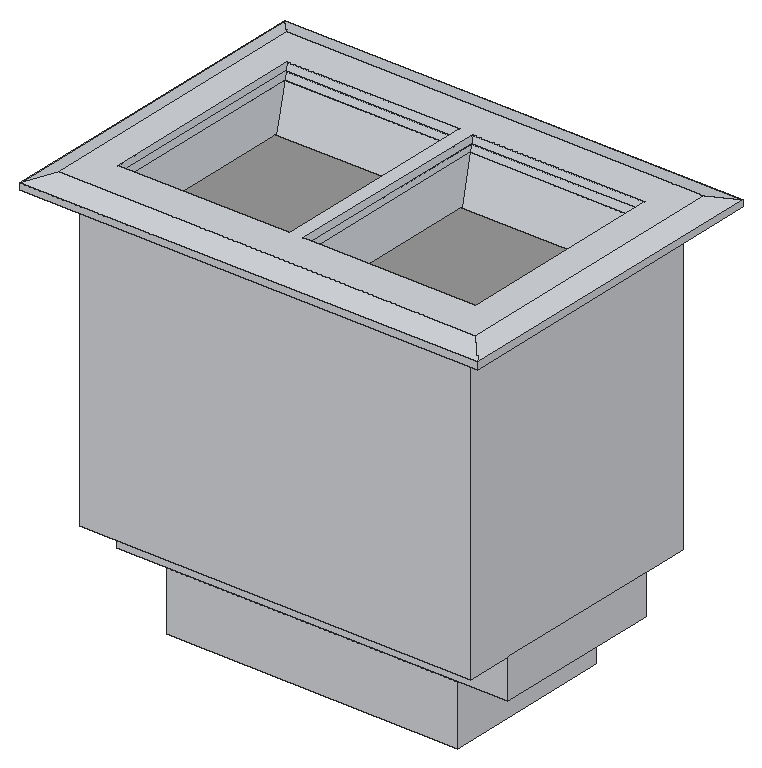
Revit family "2061077 Sylvania Lighting Fixture DOMINO 2xLED 940 BLACK NB TRIM WHITE", category Lighting Fixtures, host Face, Revit 2018
Family settings
  Host = Face
  Round Connector Dimension = Use Diameter
  Part Type = Normal
  OmniClass Number = 23.80.70.00
  OmniClass Title = Lighting
  Cut with Voids When Loaded = No
  Light Source = Yes
  Shared = No
  Room Calculation Point = No
Parameters (values of type "2061077 DOMINO 2XLED 940 BLACK NB TR WHT ")
  top top length = 44 mm
  Width = 50 mm
  Weight = "n/a"
  Wattage Comments = ""
  Wattage = 9.2903 W
  WarrantyStartDate [instance] = "n/a"
  WarrantyGuarantorParts = "n/a"
  WarrantyDurationUnit = "n/a"
  WarrantyDurationParts = ""
  WarrantyDescription = "http://www.sylvania-lighting.com"
  built-in parameter 1150110 = 1 (stored number, unit not read)
  Voltage = 0 V
  URL = "0.6"
  TypeName = "DOMINO 2xLED 940 BLACK NB TRIM WHITE"
  Type Image = <None>
  Type Comments = "n/a"
  built-in parameter 1114217 = 1 (stored number, unit not read)
  Top Width = 26 mm
  Tilt Angle = 90.00°
  built-in parameter 1150109 = 1 (stored number, unit not read)
  built-in parameter 1150134 = 3
  built-in parameter 1150113 = 1 (stored number, unit not read)
  SerialNumber [instance] = "n/a"
  Recessed Width = 43 mm
  Recessed Length = 63 mm
  Photometric Web File = "2061077.ies"
  Material_3_FEILO = none
  PowerFactor = 0
  PowerConsumption = "Lighting"
  NominalLength = 50 mm
  NominalHeight = 0 mm
  NominalDepth = 0 mm
  Name = "DOMINO 2xLED 940 BLACK NB TRIM WHITE"
  ModelReference = Name  # "DOMINO 2xLED 940 BLACK NB TRIM WHITE"
  ModelNumber = "2061077"
  Model = Name  # "DOMINO 2xLED 940 BLACK NB TRIM WHITE"
  Material = "Feilo Sylvania"
  ManufacturerName = "59 lm/W"
  Manufacturer = ""
  LuminousEfficacy = ""
  built-in parameter 1150105 = 109.82 (stored number, unit not read)
  Lumens = 1380 lm
  LuminaireType = "0"
  built-in parameter 1150115 = 1 (stored number, unit not read)
  LightOutputRatio = "LED"
  built-in parameter 1150137 = (empty or 0)
  built-in parameter 1150139 = (empty or 0)
  Lens Width = 32 mm
  Lens = Glass, White, High Luminance
  Length = 69 mm
  LampsType = Lamp  # "n/a"
  LampNominalLuminous = "4000 K"
  LampMacAdamStep = "90"
  LampColourTemperature = "LED"
  LampColourRenderingIndex = "16500"
  built-in parameter 1150112 = 1 (stored number, unit not read)
  built-in parameter 1150114 = 1 (stored number, unit not read)
  Lamp = "n/a"
  Keynote = "n/a"
  InstallationDate [instance] = "n/a"
  InputVoltage = "0"
  InputNominalFrequency = "4000"
  built-in parameter 1150132 = (empty or 0)
  built-in parameter 1150102 = (empty or 0)
  built-in parameter 1150107 = 3200 (stored number, unit not read)
  built-in parameter 1150138 = (empty or 0)
  IngressProtection = "IfcLightFixtureType"
  ImpactProtectionIndex = "IfcLightFixtureType"
  built-in parameter 1150106 = 1.0982 (stored number, unit not read)
  IfcExportType = "IfcLightFixtureType"
  IfcExportAs = "Class II"
  Facia internal width = 37 mm
  Facia internal length = 56 mm
  Facia Height = 2 mm
  ExpectedLife = 50000
  Emit from Circle Diameter = 609.6 mm
  Emit Shape Visible in Rendering = no
  ElectricShockClassification = "59"
  built-in parameter 1150104 = 13.8 (stored number, unit not read)
  DurationUnit = "hours"
  DocumentationLiterature = "http://www.sylvania-lighting.com/product/en-int/products/2061077"
  DimmingControlOptions = "n/a"
  Material_2_FEILO = none
  Dimming Lamp Color Temperature Shift = <None>
  Description = "Modular LED recessed linear spotlight, ideal for retail and hospitality applications. Die-cast aluminium body, passive cooling. Two levels of reflector installation, low glaring UGR<16. 2x LED source, 15° beam angle , optics: PMMA lens and polycarbonate reflector combination, Black matt reflector finish. Light color temperature: 4000K neutral white, total system power: 6W , total fixture lumen output: 350lm, efficacy: 59 lm/W, Ra90 typical, LED chromacity: 3 step MacAdam ellipse (SDCM3), lifespan: 96,000 hours at 90% of the original output (L90B10), IR/UV free light source without heat radiation, operating voltage: 220-240V / 50-60Hz, electronic driver, ultra low flicker, non-dimmable , electrical protection: Class II. Degree of Protection: IP40/IP20, suitable for indoor environment only. Ceiling cut-out: 43x43mm, outer dimensions:  70x50mm trim frame RAL 9016 - Traffic white / Bezel color.5 years Warranty."
  Default Elevation = 1219.2 mm
  CreatedOn = "10/02/2021"
  CreatedBy = "harvey.smart@sylvania-lighting.com"
  Cost = 0
  Color Filter = 16777215
  built-in parameter 1114216 [instance] = (empty or 0)
  ClassificationValue = "EF_70_80"
  ClassificationName = "Uniclass2015"
  Material_1_FEILO = none
  Body Width = 40 mm
  Body Length = 59 mm
  BarCode [instance] = "n/a"
  built-in parameter 1114218 = 1 (stored number, unit not read)
  built-in parameter 1150133 = 10 (stored number, unit not read)
  AssetType = "Fixed"
  AssetIdentifier [instance] = "n/a"
  Assembly Code = "D5020200"
  Apparent Load = 6 VA
  Material_4_FEILO = none
Reference planes
  plane 1 "Center (Front/Back)": y = 0
  plane 2: z = 0
  plane 3 "Center (Left/Right)": x = 0
  plane 4: z = 0
  plane 5: z = -7
  plane 6: z = -45.895
  plane 7: z = -51.895
  plane 8: z = -60.895
  plane 9: x = -31.5
  plane 10: x = 31.5
  plane 11: y = 21.5
  plane 12: y = -21.5
  plane 13: x = -34.5
  plane 14: x = 34.5
  plane 15: y = 25
  plane 16: y = -25
  plane 17: x = 28
  plane 18: x = -28
  plane 19: y = 18.5
  plane 20: y = -18.5
  plane 21: z = 2
  plane 22: x = -29.5
  plane 23: x = 29.5
  plane 24: y = 20
  plane 25: y = -20
  plane 26: y = 13
  plane 27: y = -13
  plane 28: x = 22
  plane 29: y = 16
  plane 30: y = -16
  plane 31: x = -27
  plane 32: x = -1
  plane 33: x = -26
  plane 34: x = -2
  plane 35: y = 12.5
  plane 36: y = -12.5
  plane 37: x = 27
  plane 38: x = 1
  plane 39: x = 2
  plane 40: x = 26.026
Forms (mm)
  Extrusion 1, solid, not visible, detail levels medium+fine
    sketch origin (4.2, 0, 0) x (1, 0, 0) y (0, 1, 0)
      loop
        line (-29.2, 34.5) -> (-29.2, -34.5) -> (20.8, -34.5) -> (20.8, 34.5) -> (-29.2, 34.5)
    from 0 to 1
  Extrusion 2, solid, not visible, detail levels medium+fine
    sketch origin (4.044, 0, 0) x (1, 0, 0) y (0, 1, 0)
      loop
        line (-29.2, 34.5) -> (-29.2, -34.5) -> (20.8, -34.5) -> (20.8, 34.5) -> (-29.2, 34.5)
    from 0 to 1
  Blend 3, solid, not visible, detail levels medium+fine
    base sketch origin (4.2, 0, 0) x (1, 0, 0) y (0, 1, 0)
      loop
        line (-29.2, 34.5) -> (-29.2, -34.5) -> (20.8, -34.5) -> (20.8, 34.5) -> (-29.2, 34.5)
    top sketch origin (4.2, 0, 0) x (1, 0, 0) y (0, 1, 0)
      loop
        line (-21.7, 28) -> (-21.7, -28) -> (13.3, -28) -> (13.3, 28) -> (-21.7, 28)
    from 1 to 3
  Extrusion 4, solid, not visible, detail levels medium+fine
    sketch origin (3.419, 0, 0) x (1, 0, 0) y (0, 1, 0)
      loop
        line (-29.2, 34.5) -> (-29.2, -34.5) -> (20.8, -34.5) -> (20.8, 34.5) -> (-29.2, 34.5)
    from 0 to 1
  Blend 5, solid, not visible, detail levels medium+fine
    base sketch origin (3.575, 0, 0) x (1, 0, 0) y (0, 1, 0)
      loop
        line (-29.2, 34.5) -> (-29.2, -34.5) -> (20.8, -34.5) -> (20.8, 34.5) -> (-29.2, 34.5)
    top sketch origin (3.575, 0, 0) x (1, 0, 0) y (0, 1, 0)
      loop
        line (-21.7, 28) -> (-21.7, -28) -> (13.3, -28) -> (13.3, 28) -> (-21.7, 28)
    from 1 to 3
  Extrusion 6, solid, not visible, detail levels medium+fine
    sketch origin (4.247, 0, 0) x (1, 0, 0) y (0, 1, 0)
      loop
        line (-29.2, 34.5) -> (-29.2, -34.5) -> (20.8, -34.5) -> (20.8, 34.5) -> (-29.2, 34.5)
    from 0 to 1
  Blend 7, solid, not visible, detail levels medium+fine
    base sketch origin (4.403, 0, 0) x (1, 0, 0) y (0, 1, 0)
      loop
        line (-29.2, 34.5) -> (-29.2, -34.5) -> (20.8, -34.5) -> (20.8, 34.5) -> (-29.2, 34.5)
    top sketch origin (4.403, 0, 0) x (1, 0, 0) y (0, 1, 0)
      loop
        line (-21.7, 28) -> (-21.7, -28) -> (13.3, -28) -> (13.3, 28) -> (-21.7, 28)
    from 1 to 3
  Extrusion 8, void, detail levels medium+fine
    sketch origin (4.2, 0, 0) x (0, 1, 0) y (1, 0, 0)
      loop
        line (21.5, -35.7) -> (21.5, 27.3) -> (-21.5, 27.3) -> (-21.5, -35.7) -> (21.5, -35.7)
    from -9.934 to 83.097
  Extrusion 9, solid, detail levels medium+fine
    sketch origin (4.2, 0, 0) x (1, 0, 0) y (0, 1, 0)
      loop
        line (-38.7, 25) -> (-38.7, -25) -> (30.3, -25) -> (30.3, 25) -> (-38.7, 25)
    from 0 to 1
  Blend 10, solid, detail levels medium+fine
    base sketch origin (4.2, 0, 0) x (1, 0, 0) y (0, 1, 0)
      loop
        line (-38.7, 25) -> (-38.7, -25) -> (30.3, -25) -> (30.3, 25) -> (-38.7, 25)
    top sketch origin (4.2, 0, 0) x (1, 0, 0) y (0, 1, 0)
      loop
        line (-35.7, 21.5) -> (-35.7, -21.5) -> (27.3, -21.5) -> (27.3, 21.5) -> (-35.7, 21.5)
    from 1 to 2
  Extrusion 11, solid, detail levels medium+fine
    sketch origin (4.2, 0, 0) x (1, 0, 0) y (0, 1, 0)
      loop
        line (-33.7, 20) -> (-33.7, -20) -> (25.3, -20) -> (25.3, 20) -> (-33.7, 20)
    from 0 to -45.895
  Extrusion 12, solid, detail levels medium+fine
    sketch origin (4.2, 0, 0) x (1, 0, 0) y (0, 1, 0)
      loop
        line (-33.7, 13) -> (-33.7, -13) -> (25.3, -13) -> (25.3, 13) -> (-33.7, 13)
    from -51.895 to -45.895
  Extrusion 13, solid, detail levels fine
    sketch origin (4.2, 0, 0) x (1, 0, 0) y (0, 1, 0)
      loop
        line (-26.2, 13) -> (-26.2, -13) -> (17.8, -13) -> (17.8, 13) -> (-26.2, 13)
    from -60.895 to -51.895
  Blend 14, void, detail levels medium+fine
    base sketch origin (4.2, 0, 0) x (0, 1, 0) y (-1, 0, 0)
      loop
        line (16, 31.2) -> (-16, 31.2) -> (-16, 5.2) -> (16, 5.2) -> (16, 31.2)
    top sketch origin (4.2, 0, 0) x (0, 1, 0) y (-1, 0, 0)
      loop
        line (12.5, 30.2) -> (-12.5, 30.2) -> (-12.5, 6.2) -> (12.5, 6.2) -> (12.5, 30.2)
    from 2 to -7
  Blend 15, void, detail levels medium+fine
    base sketch origin (4.2, 0, 0) x (0, 1, 0) y (-1, 0, 0)
      loop
        line (16, 3.2) -> (-16, 3.2) -> (-16, -22.8) -> (16, -22.8) -> (16, 3.2)
    top sketch origin (4.2, 0, 0) x (0, 1, 0) y (-1, 0, 0)
      loop
        line (12.5, 2.2) -> (-12.5, 2.2) -> (-12.5, -21.826) -> (12.5, -21.826) -> (12.5, 2.2)
    from 2 to -7
  Extrusion 16, solid, material "Glass, White, High Luminance" <- "Lens", detail levels fine
    sketch origin (0, 1219.2, 38) x (1, 0, 0) y (0, 1, 0)
      loop
        line (-26, -1206.7) -> (-26, -1231.7) -> (-2, -1231.7) -> (-2, -1206.7) -> (-26, -1206.7)
    from -45 to -44
  Extrusion 17, solid, material "Glass, White, High Luminance" <- "Lens", detail levels fine
    sketch origin (4.2, 0, 0) x (1, 0, 0) y (0, 1, 0)
      loop
        line (-2.2, 12.5) -> (-2.2, -12.5) -> (21.826, -12.5) -> (21.826, 12.5) -> (-2.2, 12.5)
    from -7 to -6
  Extrusion 18, solid, detail levels coarse
    sketch origin (0, 1219.2, 38) x (1, 0, 0) y (0, 1, 0)
      loop
        line (34.5, -1194.2) -> (-34.5, -1194.2) -> (-34.5, -1244.2) -> (34.5, -1244.2) -> (34.5, -1194.2)
    from -36 to -98.895
Cuts and joins
  Blend 14, Blend 15 cuts Extrusion 9
  Blend 14, Blend 15 cuts Blend 10
  Blend 14, Blend 15 cuts Extrusion 11
Dimensions and locks
  "Recessed Length": plane 9 to plane 10
  equal spacing: plane 9, plane 3 "Center (Left/Right)", plane 10
  "Length": plane 13 to plane 14
  equal spacing: plane 13, plane 3 "Center (Left/Right)", plane 14
  "Recessed Width": plane 11 to plane 12
  equal spacing: plane 11, plane 1 "Center (Front/Back)", plane 12
  "Width": plane 15 to plane 16
  equal spacing: plane 15, plane 1 "Center (Front/Back)", plane 16
  "Facia internal length": plane 18 to plane 17
  equal spacing: plane 18, plane 3 "Center (Left/Right)", plane 17
  "Facia internal width": plane 19 to plane 20
  equal spacing: plane 19, plane 1 "Center (Front/Back)", plane 20
  "Facia Height": plane 21 to host face
  "Body Length": plane 22 to plane 23
  equal spacing: plane 22, plane 3 "Center (Left/Right)", plane 23
  "Body Width": plane 24 to plane 25
  equal spacing: plane 24, plane 1 "Center (Front/Back)", plane 25
  "Top Width": plane 26 to plane 27
  equal spacing: plane 26, plane 1 "Center (Front/Back)", plane 27
  plane 3 "Center (Left/Right)" to plane 28 = 22 mm
  "Lens Width": plane 29 to plane 30
  equal spacing: plane 29, plane 1 "Center (Front/Back)", plane 30
  aligned and locked: plane 2 to host face
  aligned and locked: level to host face
  aligned and locked: plane 21 to Blend 10
  aligned and locked: Extrusion 9 to Blend 10
  aligned and locked: plane 7 to Extrusion 13
  aligned and locked: Extrusion 12 to plane 7
  aligned and locked: Extrusion 11 to plane 6
  aligned and locked: Blend 14 to plane 5
  aligned and locked: plane 21 to Blend 14
  aligned and locked: Blend 15 to plane 5
  aligned and locked: plane 21 to Blend 15
Automatic sketch dimensions
  host sketch curve to host sketch curve = 2438.4 mm  (x2)
  Extrusion 1 sketch curve to Extrusion 1 sketch curve = 50 mm
  Extrusion 1 sketch curve to Extrusion 1 sketch curve = 69 mm
  Extrusion 2 sketch curve to Extrusion 2 sketch curve = 50 mm
  Extrusion 2 sketch curve to Extrusion 2 sketch curve = 69 mm
  Blend 3 sketch curve to Blend 3 sketch curve = 50 mm
  Blend 3 sketch curve to Blend 3 sketch curve = 69 mm
  Blend 3 sketch curve to Blend 3 sketch curve = 35 mm
  Blend 3 sketch curve to Blend 3 sketch curve = 56 mm
  Extrusion 4 sketch curve to Extrusion 4 sketch curve = 50 mm
  Extrusion 4 sketch curve to Extrusion 4 sketch curve = 69 mm
  Blend 5 sketch curve to Blend 5 sketch curve = 50 mm
  Blend 5 sketch curve to Blend 5 sketch curve = 69 mm
  Blend 5 sketch curve to Blend 5 sketch curve = 35 mm
  Blend 5 sketch curve to Blend 5 sketch curve = 56 mm
  Extrusion 6 sketch curve to Extrusion 6 sketch curve = 50 mm
  Extrusion 6 sketch curve to Extrusion 6 sketch curve = 69 mm
  Blend 7 sketch curve to Blend 7 sketch curve = 50 mm
  Blend 7 sketch curve to Blend 7 sketch curve = 69 mm
  Blend 7 sketch curve to Blend 7 sketch curve = 35 mm
  Blend 7 sketch curve to Blend 7 sketch curve = 56 mm
  Extrusion 8 sketch curve to plane 9 = 0 mm
  Extrusion 8 sketch curve to plane 12 = 0 mm
  Extrusion 8 sketch curve to plane 11 = 0 mm
  Extrusion 8 sketch curve to plane 10 = 0 mm
  Extrusion 9 sketch curve to plane 13 = 0 mm
  Extrusion 9 sketch curve to plane 14 = 0 mm
  Extrusion 9 sketch curve to plane 16 = 0 mm
  Extrusion 9 sketch curve to plane 15 = 0 mm
  Blend 10 sketch curve to plane 13 = 0 mm
  Blend 10 sketch curve to plane 14 = 0 mm
  Blend 10 sketch curve to plane 16 = 0 mm
  Blend 10 sketch curve to plane 15 = 0 mm
  Blend 10 sketch curve to plane 9 = 0 mm
  Blend 10 sketch curve to plane 10 = 0 mm
  Blend 10 sketch curve to plane 12 = 0 mm
  Blend 10 sketch curve to plane 11 = 0 mm
  Extrusion 11 sketch curve to plane 22 = 0 mm
  Extrusion 11 sketch curve to plane 23 = 0 mm
  Extrusion 11 sketch curve to plane 25 = 0 mm
  Extrusion 11 sketch curve to plane 24 = 0 mm
  Extrusion 12 sketch curve to plane 22 = 0 mm
  Extrusion 12 sketch curve to plane 23 = 0 mm
  Extrusion 12 sketch curve to plane 27 = 0 mm
  Extrusion 12 sketch curve to plane 26 = 0 mm
  Extrusion 13 sketch curve to plane 27 = 0 mm
  Extrusion 13 sketch curve to plane 28 = 0 mm
  Extrusion 13 sketch curve to plane 26 = 0 mm
  plane 18 to Extrusion 13 sketch curve = 6 mm
  Blend 14 sketch curve to plane 30 = 0 mm
  Blend 14 sketch curve to plane 29 = 0 mm
  Blend 14 sketch curve to plane 32 = 0 mm
  Blend 14 sketch curve to plane 31 = 0 mm
  Blend 14 sketch curve to plane 33 = 0 mm
  Blend 14 sketch curve to plane 36 = 0 mm
  Blend 14 sketch curve to plane 35 = 0 mm
  Blend 14 sketch curve to plane 34 = 0 mm
  Blend 15 sketch curve to plane 30 = 0 mm
  Blend 15 sketch curve to plane 29 = 0 mm
  Blend 15 sketch curve to plane 37 = 0 mm
  Blend 15 sketch curve to plane 38 = 0 mm
  Blend 15 sketch curve to plane 36 = 0 mm
  Blend 15 sketch curve to plane 35 = 0 mm
  Blend 15 sketch curve to plane 40 = 0 mm
  Blend 15 sketch curve to plane 39 = 0 mm
  plane 31 to Extrusion 16 sketch curve = 1 mm
  Extrusion 16 sketch curve to plane 11 = 9 mm
  Extrusion 16 sketch curve to plane 34 = 0 mm
  plane 1 "Center (Front/Back)" to Extrusion 16 sketch curve = 12.5 mm
  Extrusion 17 sketch curve to plane 36 = 0 mm
  Extrusion 17 sketch curve to plane 39 = 0 mm
  Extrusion 17 sketch curve to plane 40 = 0 mm
  Extrusion 17 sketch curve to plane 35 = 0 mm
  Extrusion 18 sketch curve to plane 33 = 8.5 mm
  plane 14 to Extrusion 18 sketch curve = 0 mm
  plane 16 to Extrusion 18 sketch curve = 50 mm
  Extrusion 18 sketch curve to plane 36 = 12.5 mm
